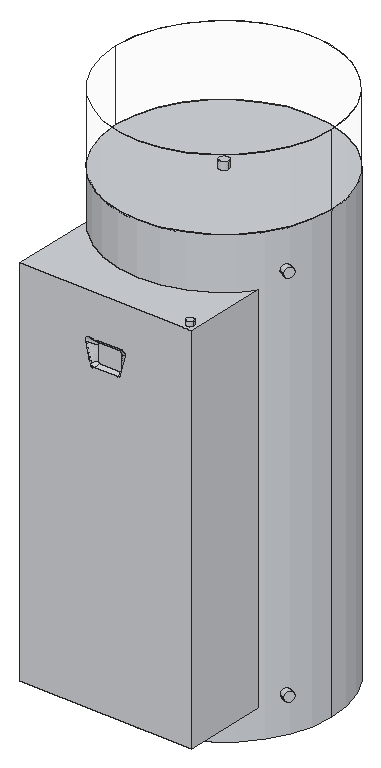
Revit family
Parameters (values of type "HC(Voltage)06 119 1 Phase")
  Wattage = KW * 1000 VA  # 6000 VA
  Water inlet length = Radius + 1"  # 15 3/4"
  VOLTAGE = 208 V
  Total Amps = KW * 1000 V / VOLTAGE  # 28.8462
  Top Clearance = 9 3/4"
  SES BIM Studio # = "201264902-39.2"
  URL = "http://www.lochinvar.com/products/default.aspx?type=productline&lineid=187"
  Panel Width = B_DIAMETER - 6"  # 23 1/2"
  Panel Depth = 13 7/8"
  Number of Poles = 2
  Model = "HC (X) 6 119"
  Manufacturer = "Lochinvar"
  MODEL NO. = "HC (Voltage) 6 119"
  KW = 6
  GALLON CAPACITY = "119"
  C_OVERALL DEPTH = 35"
  CONTINUOUS DELIVERY (GPH) = "25"
  B_DIAMETER = Radius * 2  # 29 1/2"
  A_HEIGHT = 62 1/4"
  Description = ""
  Fuel Type = ""
  Radius = 14 3/4"
  # OF ELEMENTS = "3"
Types (14): name | Wattage | Total Amps | Model | MODEL NO. | KW | CONTINUOUS DELIVERY (GPH) | # OF ELEMENTS
  (no name) | 6000 VA | 28.8462 | "HC (X) 6 119" | "HC (Voltage) 6 119" | 6 | "25" | "3"
  HC(Voltage)18 119 1 Phase | 18000 VA | 86.5385 | "HC (X) 18 119" | "HC (Voltage) 18 119" | 18 | "74" | "3"
  HC(Voltage)06 119 1 Phase | 6000 VA | 28.8462 | "HC (X) 6 119" | "HC (Voltage) 6 119" | 6 | "25" | "3"
  HC(Voltage)09 119 1 Phase | 9000 VA | 43.2692 | "HC (X) 9 119" | "HC (Voltage) 9 119" | 9 | "37" | "3"
  HC(Voltage)12 119 1 Phase | 12000 VA | 57.6923 | "HC (X) 12 119" | "HC (Voltage) 12 119" | 12 | "49" | "3"
  HC(Voltage)13.5 119 1 Phase | 13500 VA | 64.9038 | "HC (X) 13.5 119" | "HC (Voltage) 13.5 119" | 13.5 | "55" | "3"
  HC(Voltage)15 119 1 Phase | 15000 VA | 72.1154 | "HC (X) 15 119" | "HC (Voltage) 15 119" | 15 | "61" | "3"
  HC(Voltage)24 119 1 Phase | 24000 VA | 115.3846 | "HC (X) 24 119" | "HC (Voltage) 24 119" | 24 | "98" | "6"
  HC(Voltage)27 119 1 Phase | 27000 VA | 129.8077 | "HC (X) 27 119" | "HC (Voltage) 27 119" | 27 | "111" | "6"
  HC(Voltage)30 119 1 Phase | 30000 VA | 144.2308 | "HC (X) 30 119" | "HC (Voltage) 30 119" | 30 | "123" | "6"
  HC(Voltage)36 119 1 Phase | 36000 VA | 173.0769 | "HC (X) 36 119" | "HC (Voltage) 36 119" | 36 | "148" | "6"
  HC(Voltage)40 119 1 Phase | 40000 VA | 192.3077 | "HC (X) 40 119" | "HC (Voltage) 40 119" | 40 | "166" | "9"
  HC(Voltage)45 119 1 Phase | 45000 VA | 216.3462 | "HC (X) 45 119" | "HC (Voltage) 45 119" | 45 | "194" | "9"
  HC(Voltage)54 119 1 Phase | 54000 VA | 259.6154 | "HC (X) 54 119" | "HC (Voltage) 54 119" | 54 | "221" | "9"
Reference planes (in)
  plane 1 "Center (Front/Back)": y = 6.125
  plane 2: z = 0
  plane 3 "Center (Left/Right)": x = -1.39218
  plane 4 "Top": z = 62.25
  plane 5 "Top Clearance": z = 72
  plane 6 "Panel right": x = 10.35782
  plane 7 "Panel left": x = -13.14218
  plane 8 "Panel Face": y = -14.125
  plane 9: y = 20.875
  plane 10 "Panel top": z = 55.25
  plane 11 "Panel bottom": z = 4
  plane 12 "Water inlet anchor": through (-1.39218, 6.125, 48) normal (-0.9063, 0.4226, 0)
  plane 13 "Water inlet end": through (12.88217, -0.53124, 48) normal (-0.9063, 0.4226, 0)
  plane 14: through (-1.39218, 6.125, 48) normal (-0.9063, -0.4226, 0)
  plane 15: through (-15.66653, -0.53124, 48) normal (-0.9063, -0.4226, 0)
  plane 16: z = 5.25
Forms (in)
  Extrusion 1, solid
    sketch origin (0, 0, 0) x (1, 0, 0) y (0, 1, 0)
      loop
        circle (-1.39218, 6.125) r 14.75
    from 0 to 62.25
  Extrusion 2, solid, material "Clearance"
    sketch origin (0, 0, 62.25) x (-1, 0, 0) y (0, -1, 0)
      loop
        circle (1.39218, -6.125) r 14.75
    from 0 to 9.75
  Extrusion 3, solid
    sketch origin (-1.39218, 0, 0) x (0, 1, 0) y (0, 0, 1)
      loop
        line (6.125, 4) -> (6.125, 55.25) -> (-14.125, 55.25) -> (-14.125, 4) -> (6.125, 4)
    from 11.75 to -11.75
  Extrusion 4, solid
    sketch origin (0, 0, 62.25) x (-1, 0, 0) y (0, -1, 0)
      loop
        circle (1.39218, -6.125) r 0.625
    from 0 to 1
  Extrusion 5, solid
    sketch origin (0, 0, 55.25) x (-1, 0, 0) y (0, -1, 0)
      loop
        circle (-9.35782, 13.125) r 0.5
    from 0 to 0.5
  Extrusion 6, solid
    sketch origin (-4.99757, -2.51609, -1.07813) x (-0.422618, -0.906308, 0) y (0, 0, 1)
      loop
        circle (-9.35519, 6.3358) r 0.625
    from 0.38429 to -15.36571
  Extrusion 7, solid
    sketch origin (-0.30555, -3.58256, -1.07813) x (0.422618, -0.906308, 0) y (0, 0, -1)
      loop
        circle (-9.25727, -6.3358) r 0.625
    from 3.11777 to -12.63223
  Blend 8, void
    base sketch origin (0, -14.125, 0) x (1, 0, 0) y (0, 0, 1)
      loop
        arc (-3.62679, 49.5) -> (-4.02089, 49.30771) -> (-4.11186, 48.87873) r 0.5
        line (-4.11186, 48.87873) -> (-3.48686, 46.37873)
        arc (-3.48686, 46.37873) -> (-3.3095, 46.1059) -> (-3.00179, 46) r 0.5
        line (-3.00179, 46) -> (0.21743, 46)
        arc (0.21743, 46) -> (0.52514, 46.1059) -> (0.7025, 46.37873) r 0.5
        line (0.7025, 46.37873) -> (1.3275, 48.87873)
        arc (1.3275, 48.87873) -> (1.23654, 49.30771) -> (0.84243, 49.5) r 0.5
        line (0.84243, 49.5) -> (-3.62679, 49.5)
    top sketch origin (0, -14.125, 0) x (1, 0, 0) y (0, 0, 1)
      loop
        line (-2.81429, 46.25) -> (0.02993, 46.25)
        arc (0.02993, 46.25) -> (0.20671, 46.32322) -> (0.27993, 46.5) r 0.25
        line (0.27993, 46.5) -> (0.27993, 48.5)
        arc (0.27993, 48.5) -> (0.20671, 48.67678) -> (0.02993, 48.75) r 0.25
        line (0.02993, 48.75) -> (-2.81429, 48.75)
        arc (-2.81429, 48.75) -> (-2.99107, 48.67678) -> (-3.06429, 48.5) r 0.25
        line (-3.06429, 48.5) -> (-3.06429, 46.5)
        arc (-3.06429, 46.5) -> (-2.99107, 46.32322) -> (-2.81429, 46.25) r 0.25
    from 0 to -0.75
  Extrusion 9, void
    sketch origin (0, -13.375, 0.12693) x (1, 0, 0) y (0, 0, 1)
      loop
        arc (-2.31429, 48) -> (-2.40268, 47.96339) -> (-2.43929, 47.875) r 0.125
        line (-2.43929, 47.875) -> (-2.43929, 46.875)
        arc (-2.43929, 46.875) -> (-2.40268, 46.78661) -> (-2.31429, 46.75) r 0.125
        line (-2.31429, 46.75) -> (-0.47007, 46.75)
        arc (-0.47007, 46.75) -> (-0.38168, 46.78661) -> (-0.34507, 46.875) r 0.125
        line (-0.34507, 46.875) -> (-0.34507, 47.875)
        arc (-0.34507, 47.875) -> (-0.38168, 47.96339) -> (-0.47007, 48) r 0.125
        line (-0.47007, 48) -> (-2.31429, 48)
    from 0 to -0.125
  Extrusion 10, solid
    sketch origin (-4.99757, -2.51609, 50.92188) x (-0.422618, -0.906308, 0) y (0, 0, 1)
      loop
        circle (-9.35519, 6.3358) r 0.625
    from 0.38429 to -15.36571
Cuts and joins
  Blend 8 cuts Extrusion 3
Dimensions and locks (in)
  "A_HEIGHT": plane 4 "Top" to level
  "Top Clearance": plane 5 "Top Clearance" to plane 4 "Top"
  equal spacing: plane 7 "Panel left", plane 3 "Center (Left/Right)", plane 6 "Panel right"
  "Panel Width": plane 7 "Panel left" to plane 6 "Panel right"
  "Radius": plane 9 to Extrusion 3
  "C_OVERALL DEPTH": plane 8 "Panel Face" to plane 9
  locked: plane 11 "Panel bottom" to plane 2 at 4
  "Water inlet length": plane 12 "Water inlet anchor" to plane 13 "Water inlet end"
  "Water inlet length": plane 14 to plane 15
  "Radius": radius of Extrusion 1 sketch curve
  "Radius": radius of Extrusion 2 sketch curve
  aligned and locked: plane 4 "Top" to Extrusion 1
  aligned and locked: plane 5 "Top Clearance" to Extrusion 2
  aligned and locked: plane 6 "Panel right" to Extrusion 3
  aligned and locked: Extrusion 3 to plane 7 "Panel left"
  aligned and locked: plane 8 "Panel Face" to Extrusion 3
  aligned and locked: Extrusion 3 to plane 1 "Center (Front/Back)"
  aligned and locked: plane 10 "Panel top" to Extrusion 3
  aligned and locked: Extrusion 3 to plane 11 "Panel bottom"
  aligned and locked: Extrusion 6 to plane 13 "Water inlet end"
Automatic sketch dimensions
  plane 1 "Center (Front/Back)" to Extrusion 1 sketch curve = 0"
  Extrusion 1 sketch curve to plane 3 "Center (Left/Right)" = 0"
  plane 1 "Center (Front/Back)" to Extrusion 2 sketch curve = 0"
  Extrusion 2 sketch curve to plane 3 "Center (Left/Right)" = 0"
  Extrusion 3 sketch curve to plane 8 "Panel Face" = 0"
  Extrusion 3 sketch curve to plane 1 "Center (Front/Back)" = 0"
  Extrusion 3 sketch curve to plane 11 "Panel bottom" = 0"
  Extrusion 3 sketch curve to plane 10 "Panel top" = 0"
  plane 1 "Center (Front/Back)" to Extrusion 4 sketch curve = 0"
  Extrusion 4 sketch curve to plane 3 "Center (Left/Right)" = 0"
  Extrusion 5 sketch curve to plane 6 "Panel right" = 1"
  Extrusion 5 sketch curve to plane 8 "Panel Face" = 1"
  plane 16 to Extrusion 6 sketch curve = 0.00768"
  Extrusion 7 sketch curve to plane 16 = 0.00768"
  Blend 8 sketch curve to plane 3 "Center (Left/Right)" = 2.71968"
  Blend 8 sketch curve to Blend 8 sketch curve = 0.48507"  (x4)
  Blend 8 sketch curve to plane 3 "Center (Left/Right)" = 2.09468"
  plane 3 "Center (Left/Right)" to Blend 8 sketch curve = 1.60961"
  plane 3 "Center (Left/Right)" to Blend 8 sketch curve = 2.23461"
  Blend 8 sketch curve to plane 10 "Panel top" = 9 1/4"
  Blend 8 sketch curve to Blend 8 sketch curve = 0.37873"  (x2)
  Blend 8 sketch curve to Blend 8 sketch curve = 2 1/2"  (x2)
  Blend 8 sketch curve to Blend 8 sketch curve = 0.12127"
  Blend 8 sketch curve to plane 3 "Center (Left/Right)" = 1.67211"
  Blend 8 sketch curve to Blend 8 sketch curve = 1/4"  (x3)
  plane 3 "Center (Left/Right)" to Blend 8 sketch curve = 1.42211"  (x2)
  Blend 8 sketch curve to plane 10 "Panel top" = 9"
  Blend 8 sketch curve to Blend 8 sketch curve = 2"
  Extrusion 9 sketch curve to plane 3 "Center (Left/Right)" = 1.04711"
  Extrusion 9 sketch curve to Extrusion 9 sketch curve = 1/8"  (x3)
  plane 3 "Center (Left/Right)" to Extrusion 9 sketch curve = 0.92211"  (x2)
  Extrusion 9 sketch curve to plane 10 "Panel top" = 8.37307"
  Extrusion 9 sketch curve to Extrusion 9 sketch curve = 1"
  plane 10 "Panel top" to Extrusion 10 sketch curve = 2.00768"
  radius of Extrusion 4 sketch curve = 5/8"
  radius of Extrusion 5 sketch curve = 1/2"
  radius of Extrusion 6 sketch curve = 5/8"
  radius of Extrusion 7 sketch curve = 5/8"
  radius of Extrusion 10 sketch curve = 5/8"
Connectors (in)
  piping at (-1.39218, 6.125, 63.25)
    settings: on Extrusion 4, index 1, connector radius 5/8", flow factor 0, pipe flow 0 GPM, pressure drop 0.00 psi, fitting loss kfactor 0, connector angle 0.00°, fixture units 0, flow configuration 0, flow direction 0, fitting loss method 0, system type 19, connector reference index -1, connector utility 0, adjustable connector no, is connector primary yes, fitting loss table "", connector description "Water Outlet"
  piping at (-15.66653, -0.53124, 5.25768)
    settings: on Extrusion 7, index 5, connector radius 3/8", flow factor 0, pipe flow 0 GPM, pressure drop 0.00 psi, fitting loss kfactor 0, connector angle 0.00°, fixture units 0, flow configuration 1, flow direction 2, fitting loss method 0, system type 16, connector reference index -1, connector utility 0, adjustable connector no, is connector primary no, fitting loss table "", connector description ""
  piping at (12.88217, -0.53124, 5.25768)
    settings: on Extrusion 6, index 6, connector radius 5/8", flow factor 0, pipe flow 0 GPM, pressure drop 0.00 psi, fitting loss kfactor 0, connector angle 0.00°, fixture units 0, flow configuration 0, flow direction 1, fitting loss method 0, system type 20, connector reference index -1, connector utility 0, adjustable connector no, is connector primary no, fitting loss table "", connector description "Water Inlet"
  electrical at (9.35782, -13.125, 55.75), driven by "Wattage", driven by "VOLTAGE", driven by "Number of Poles"
    settings: on Extrusion 5, index 7, voltage 208 V, apparent load 6000 VA, apparent load phase1 0 VA, apparent load phase2 0 VA, apparent load phase3 0 VA, power factor 1, load classification "Other", number of poles 2, system type 30, power factor state 1, is connector primary yes, connector utility no, sub classification motor no, connector description "Electrical"
